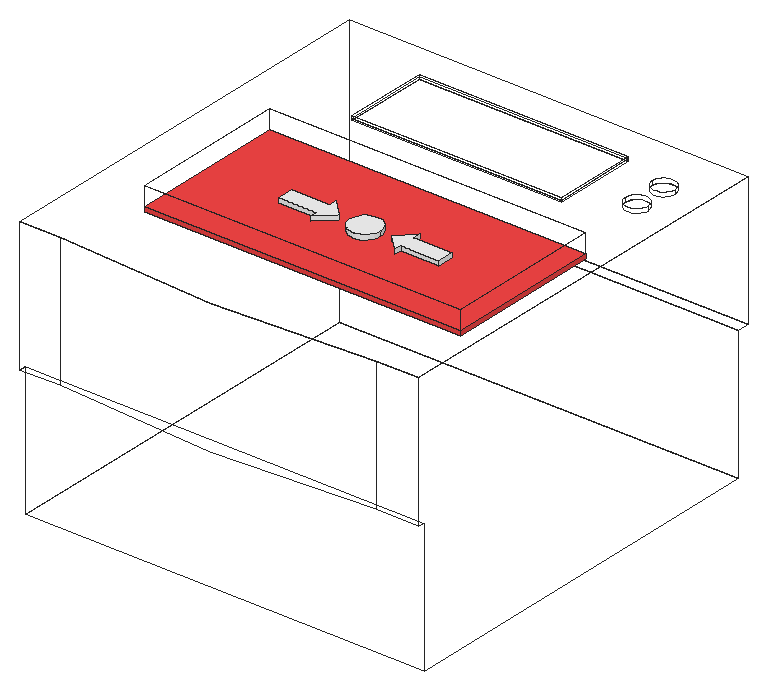
Revit family "Maxlogic Extinguishant emergency stop button", category Fire Alarm Devices, host Face, Revit 2022
Family settings
  Host = Face
  Round Connector Dimension = Use Diameter
  Part Type = Normal
  OmniClass Number = 23.85.30.21
  OmniClass Title = Environmental Detection/Registration
  Cut with Voids When Loaded = No
  Maintain Annotation Orientation = Yes
  Shared = No
  Room Calculation Point = No
Parameters (values of type "Maxlogic Extinguishant emergency stop button")
  Weight = "140 gr."
  Weatherproof surface mounting back box = ""
  Warranty Duration Unit = "Year"
  Warranty Duration Parts = "2"
  Warranty Duration Labor = "2"
  Version = ""
  URL = "https://www.mavili.com.tr/en"
  Recessed mounting base = ""
  Public Works Pose Number = "833-265"
  Protective Cover = "ML-0710"
  Protection Sign = "IP22D"
  Product Code = "ML-2710.ES"
  Phone Number = "(+)90 216 466 45 05"
  Operatonal Voltage (default) = "24 V/DC"
  Operating voltage range = "10-30 V/DC"
  Operating temperature = "(-10°C) - (+55°C)"
  Nominal Depth = "58 mm"
  Nominal Width = "87 mm"
  Nominal Height = "91 mm"
  Mounting surface = "Wall mounting"
  Mounting height = "1400 cm above from ground (+/-200mm)"
  Model = "MaxLogic"
  Manufacturer = "Mavili Elektronik Ticaret A.Ş."
  Installation Manual = "https://mavilielektronik.com/Revit/ML2710ES_kk.pdf"
  Indicator output = ""
  Fax Number = "(+)90 216 466 45 10"
  External supply = ""
  Email = "mavili@mavili.com.tr"
  Disclaimer = ""
  Device Adress Setup = ""
  Description = "Extinguishant emergency stop button"
  Default Elevation = 0 mm
  Current consumption = ""
  Cost unıt = ""
  Cost = 0
  Compatible sockets = ""
  Color = "Blue"
  Code Performance = "EN 12094-3"
  Main Material = "Blue Plastic ABS"
  Secondary Material = "Plastic"
  Address line 1 = "Şerifali Mahallesi Kutup Sokak No:27/1-2-4 Ümraniye TR-34775 İSTANBUL"
Reference planes
  plane 1 "Center (Front/Back)": y = 0
  plane 2: z = 0
  plane 3 "Center (Left/Right)": x = 0
Forms (mm)
  Extrusion 1, solid, material "Mavili mavi"
    sketch origin (0, 0, 0) x (1, 0, 0) y (0, 1, 0)
      loop
        line (0, 89.883) -> (0, 0) -> (8.74, 0)
        arc (8.74, 0) -> (43.246, -2.016) -> (77.752, 0) r 296.28
        line (77.752, 0) -> (87.027, 0) -> (87.027, 89.883) -> (0, 89.883)
    from 0 to 58
  Extrusion 2, void
    sketch origin (0, 0, 0) x (0, 1, 0) y (0, 0, 1)
      loop
        line (89.883, 29.005) -> (87.283, 29.005) -> (87.283, -4.106) -> (89.883, -4.106) -> (89.883, 29.005)
    from 0 to 90.479
  Extrusion 3, void
    sketch origin (0, 0, 0) x (0, 1, 0) y (0, 0, 1)
      loop
        line (-3.567, 28.975) -> (-3.567, -2.735) -> (1.471, -2.735) -> (1.471, 28.975) -> (-3.567, 28.975)
    from 0 to 87.027
  Extrusion 4, void
    sketch origin (0, 0, 58) x (0, 1, 0) y (1, 0, 0)
      loop
        line (57.252, 8.74) -> (57.252, 77.752) -> (22.919, 77.752) -> (22.919, 8.74) -> (57.252, 8.74)
    from 0 to 5
  Extrusion 5, solid, material "Render Material 255-0-0"
    sketch origin (0, 0, 53) x (0, 1, 0) y (-1, 0, 0)
      loop
        line (57.252, -8.74) -> (22.919, -8.74) -> (22.919, -77.752) -> (57.252, -77.752) -> (57.252, -8.74)
    from 0 to 1
  Extrusion 6, solid, material "Render Material 255-255-255"
    sketch origin (0, 0, 54) x (1, 0, 0) y (0, 1, 0)
      loop
        circle (43.246, 40.085) r 3.37
    from 0 to 1
  Extrusion 7, solid, material "Render Material 255-255-255"
    sketch origin (0, 0, 54) x (1, 0, 0) y (0, 1, 0)
      loop
        line (49.1, 40.085) -> (52.47, 36.715) -> (52.47, 38.309) -> (60.788, 38.309) -> (60.788, 41.861) -> (52.47, 41.861) -> (52.47, 43.455) -> (49.1, 40.085)
    from 0 to 1
  Extrusion 8, solid, material "Render Material 255-255-255"
    sketch origin (86.492, 0, 54) x (-1, 0, 0) y (0, -1, 0)
      loop
        line (49.1, -40.085) -> (52.47, -43.455) -> (52.47, -41.861) -> (60.788, -41.861) -> (60.788, -38.309) -> (52.47, -38.309) -> (52.47, -36.715) -> (49.1, -40.085)
    from 0 to 1
  Extrusion 9, void
    sketch origin (0, 0, 58) x (0, 1, 0) y (1, 0, 0)
      loop
        circle (78.518, 77.752) r 2.471
    from 0 to 1
  Extrusion 10, void
    sketch origin (0, -7.362, 58) x (0, 1, 0) y (1, 0, 0)
      loop
        circle (78.518, 77.752) r 2.471
    from 0 to 1
  Extrusion 11, void
    sketch origin (0, 0, 58) x (0, 1, 0) y (1, 0, 0)
      loop
        line (82.6, 21.063) -> (82.6, 66.836) -> (64.116, 66.836) -> (64.116, 21.063) -> (82.6, 21.063)
    from 0 to 1
  Extrusion 12, solid, material "Mavili mavi"
    sketch origin (0, 0, 57) x (0, 1, 0) y (-1, 0, 0)
      loop
        line (82.6, -21.063) -> (64.116, -21.063) -> (64.116, -66.836) -> (82.6, -66.836) -> (82.6, -21.063)
    from 0 to 0.5
Cuts and joins
  Extrusion 2, Extrusion 3, Extrusion 4, Extrusion 9, Extrusion 10, Extrusion 11 cuts Extrusion 1
Dimensions and locks
  aligned and locked: plane 2 to host face
  aligned and locked: level to host face
